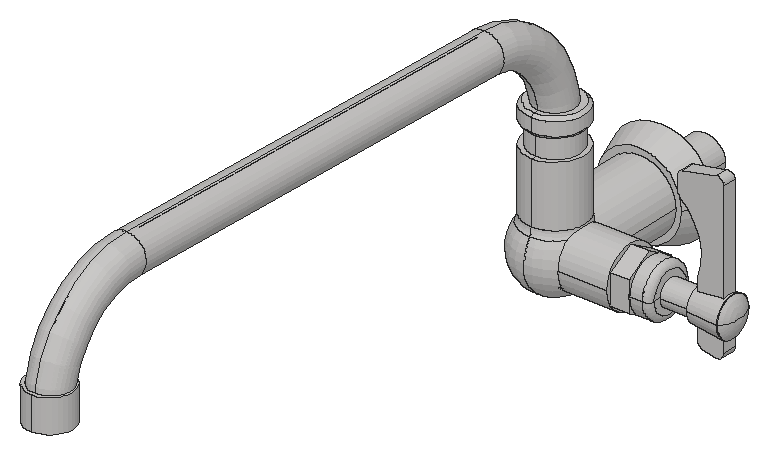
Revit family "Krowne_16-171L_DeckMount_Faucet", category Plumbing Fixtures, Revit 2018
Family settings
  Round Connector Dimension = Use Diameter
  Part Type = Normal
  OmniClass Number = 23.40.40.00
  OmniClass Title = Food Service Equipment and Furnishings
  Work Plane-Based = No
  Always vertical = Yes
  Cut with Voids When Loaded = No
  Shared = No
  Room Calculation Point = No
Parameters (values of type "DefaultType")
  Width = 4 1/4"
  Weight in Pounds = 5
  Watermarked By = ""
  Waste Water Discharge Temperature [instance] = -459.67 °F
  URL Cutsheet = ""
  URL = "https://krowne.com/"
  Status [instance] = ""
  Specification by User [instance] = ""
  Specification by Manufacturer [instance] = ""
  Serial Number [instance] = ""
  Revision Code [instance] = ""
  Plumbing Remarks [instance] = ""
  Plumbing Connection Type = ""
  NAFEM Spec ID Number [instance] = ""
  Model = "16-171L"
  Masterspec [instance] = ""
  Manufacturer = "Krowne Metal"
  KCLRef = "KCL2C9,,0004c5a5-0000-0000-0000-000000000307,KR,16-171L ,637111977080000000,c655eed6-3e01-48df-b960-cd097cec2e1a,65203727-37e5-441a-8c8e-b01304d32a77"
  KCL SpecSheet URL = "http://kclweb.kclcad.com/imagehandler.ashx?kdoc=16-17xl&R=KR&M=16-171L%20&VC=7&TID=KCLWeb&T=doc"
  Item Number [instance] = "-"
  Installed By [instance] = ""
  Hot Water Temperature = 100 °F
  Height = 3 3/8"
  Furnished By [instance] = ""
  Foodservice Equipment Identifier = yes
  Description = "Deck Mount Faucet"
  Depth = 4 7/16"
  Cold Water Temperature Recommended = -459.67 °F
  Cold Water Size = 1/2"
  Cold Water RI Height [instance] = 0"
  Cold Water Minimum Pressure = 0.00 psi
  Cold Water Maximum Pressure = 0.00 psi
  Cold Water Flow = 1.8 GPM
  Cold Water Consumption = ""
  Cold Water Connection Height = 0"
  CSI MasterFormat = ""
  Assembly Code = "E1090300"
Reference planes (in)
  plane 1 "BACK": y = 2.625
  plane 2: z = 0
  plane 3 "LEFT": x = -13.31573
  plane 4 "RIGHT": x = -9.06573
  plane 5 "CENTER L/R": x = -12.56573
  plane 6: y = -0.9375
  plane 7: z = 5.5
  plane 8: z = 3.25
  plane 9: y = -12.9375
  plane 10: z = 3.0625
  plane 11: z = 5.1875
Forms (in)
  Sweep 1, solid, material "QF_Stainless-Polished"
    path origin (-12.56573, 0, 0) x (0, 1, 0) y (0, 0, 1)
      loop
        line (-0.9375, 2.5) -> (-0.9375, 3.03925)
        arc (-0.9375, 3.03925) -> (-1.42754, 4.25374) -> (-2.62321, 4.78807) r 1.75
        line (-2.62321, 4.78807) -> (-11.12321, 5.10057)
        arc (-11.12321, 5.10057) -> (-12.40199, 4.61171) -> (-12.9375, 3.35175) r 1.75
        line (-12.9375, 3.35175) -> (-12.9375, 3.0625)
    profile origin (-12.56573, -0.9375, 2.76962) x (0, -1, 0) y (1, 0, 0)
      loop
        circle (0, 0) r 0.375
      loop
        circle (0, 0) r 0.25
  Extrusion 2, solid, material "QF_Stainless-Polished"
    sketch origin (-12.56573, -12.9375, 3.0625) x (0, -1, 0) y (-1, 0, 0)
      loop
        circle (0, 0) r 0.375
      loop
        circle (0, 0) r 0.4375
    from 0 to -0.625
Lines and regions (in)
  symbolic lines
    curve 1: arc (-12.56573, -1.3125, 0) -> (-12.94073, -0.9375, 0) -> (-12.56573, -0.5625, 0) r 0.375
    curve 2: arc (-12.56573, -0.5625, 0) -> (-12.19073, -0.9375, 0) -> (-12.56573, -1.3125, 0) r 0.375
    curve 3: arc (-12.94073, -12.9375, 0) -> (-12.83089, -13.20267, 0) -> (-12.56573, -13.3125, 0) r 0.375
    curve 4: arc (-12.56573, -13.3125, 0) -> (-12.30056, -13.20267, 0) -> (-12.19073, -12.9375, 0) r 0.375
    curve 5: line (-12.94073, -12.9375, 0) -> (-12.94073, -0.9375, 0)
    curve 6: line (-12.19073, -0.9375, 0) -> (-12.19073, -12.9375, 0)
Dimensions and locks (in)
  "Width": plane 3 "LEFT" to plane 4 "RIGHT"
  plane 7 to plane 8 = 2 1/4"
  plane 9 to plane 6 = 12"
  plane 8 to plane 10 = 3/16"
  plane 6 to plane 1 "BACK" = 3 9/16"
  plane 11 to plane 8 = 1 15/16"
  aligned and locked: level to plane 2
  aligned and locked: plane 6 to Sweep 1 sketch curve
  aligned and locked: Sweep 1 sketch curve to plane 9
Automatic sketch dimensions
  Sweep 1 sketch curve to Sweep 1 sketch curve = 0"  (x2)
  Sweep 1 sketch curve to plane 5 "CENTER L/R" = 0"
  Sweep 1 sketch curve to profile plane = 0"
  curve 3 to curve 4 = 0"
  plane 9 to curve 5 = 0"
  plane 6 to curve 5 = 0"
  curve 1 to plane 5 "CENTER L/R" = 0"
  plane 6 to curve 6 = 0"
  plane 6 to curve 1 = 0"
  curve 5 to curve 3 = 3/8"
  Sweep 1 sketch curve to plane 10 = 0"
  plane 8 to Sweep 1 sketch curve = 0.10175"
  Sweep 1 sketch curve to plane 11 = 0.08693"
  Sweep 1 sketch curve to Sweep 1 sketch curve = 0.06429"
  Sweep 1 sketch curve to plane 10 = 0.02325"
  Sweep 1 sketch curve to Sweep 1 sketch curve = 1 3/4"
  Sweep 1 sketch curve to plane 11 = 0.39943"
  Sweep 1 sketch curve to Sweep 1 sketch curve = 0.53925"
  radius of Sweep 1 sketch curve = 3/8"
  radius of Sweep 1 sketch curve = 1/4"
  radius of Extrusion 2 sketch curve to Sweep 1 = 0"
  radius of Sweep 1 to Extrusion 2 sketch curve = 1/16"
Nested families (in)
  nested 1: "QF_Krowne_16-1_Body" at (-0.1875, -0.1875, 0), type "QF_Krowne_16-1_Body"
Connectors (in)
  piping at (-12.56573, 2.625, 0.75), diameter 0.5, driven by "Cold Water Flow", driven by "Cold Water Size"
    settings: on nested 1, index 1, connector inside diameter 24", connector length 0", flow factor 0, pipe flow 1.8 GPM, pressure drop 0.00 psi, fitting loss kfactor 0, connector angle 0.00°, fixture units 0, engagement length 0", angle of deflection 0.00°, flow configuration 1, flow direction 1, fitting loss method 0, system type 20, joint type 0, gender type 0, connector reference index -1, connector utility 0, adjustable connector no, is connector primary yes, connector description "WATER"
Definition of nested family "QF_Krowne_16-1_Body"
  Parameters (values of type "QF_Krowne_16-1_Body")
    Width = 1 1/2"
    Watermarked By = ""
    Height = 3 7/8"
    Description = ""
    Depth = 1 1/2"
  Reference planes (in)
    plane 1 "BACK": y = 0
    plane 2: z = 0
    plane 3 "LEFT": x = -13.12823
    plane 4 "RIGHT": x = -11.62823
    plane 5 "Center": x = -12.37823
    plane 6 "FRONT": y = -1.5
    plane 7 "Faucet Handle Center": y = -0.75
    plane 8: z = 2.5
    plane 9: z = 2.875
    plane 10 "TOP": z = 3.25
    plane 11: y = 1.25
    plane 12 "Back of Plug": y = 1.75
    plane 13: z = 0.75
    plane 14: x = -10.94073
  Forms (in)
    Revolve 1, solid
      sketch origin (-12.37823, 0, 0) x (0, 1, 0) y (0, 0, 1)
        loop
          arc (-0.75, 0) -> (-0.08276, 0.40752) -> (-0.14062, 1.18722) r 0.75
          arc (-0.14062, 1.18722) -> (-0.17549, 1.25641) -> (-0.1875, 1.33296) r 0.25
          line (-0.1875, 1.33296) -> (-0.1875, 2.5) -> (-0.75, 2.5) -> (-0.75, 0)
        axis (-0.75, 0) -> (-0.75, 2.5)
      angle from 0 to 360
    Revolve 2, solid
      sketch origin (-12.37823, 0, 0) x (0, 1, 0) y (0, 0, 1)
        loop
          line (-0.75, 3.25) -> (-0.75, 2.5) -> (-0.28183, 2.5) -> (-0.28183, 2.875) -> (-0.25, 2.875) -> (-0.1875, 2.9375) -> (-0.1875, 3.1875) -> (-0.25, 3.25) -> (-0.75, 3.25)
        axis (-0.75, 2.5) -> (-0.75, 3.25)
      angle from 0 to 360
    Extrusion 3, solid
      sketch origin (0, -0.75, 0) x (1, 0, 0) y (0, 0, 1)
        loop
          circle (-12.37823, 0.75) r 0.6875
      from 0 to -2
    Blend 4, solid
      base sketch origin (0, 1.75, 0) x (1, 0, 0) y (0, 0, 1)
        loop
          circle (-12.37823, 0.75) r 0.8125
      top sketch origin (0, 1.75, 0) x (1, 0, 0) y (0, 0, 1)
        loop
          circle (-12.37823, 0.75) r 1
      from 0.5 to 0
    Extrusion 5, solid
      sketch origin (0, 1.75, 0) x (1, 0, 0) y (0, 0, 1)
        loop
          circle (-12.37823, 0.75) r 0.375
      from 0 to -1.0625
    Extrusion 6, solid
      sketch origin (-12.37823, 0, 0) x (0, 1, 0) y (0, 0, 1)
        loop
          circle (-0.75, 0.75) r 0.5625
      from 0 to 1.4375
  Lines and regions (in)
    symbolic lines
      curve 1: circle (-12.37823, -0.75, 1.0625) r 0.75 normal (0, 0, 1)
      curve 2: line (-10.94073, -0.1875, 1.0625) -> (-11.88215, -0.1875, 1.0625)
      curve 3: line (-10.94073, -1.3125, 1.0625) -> (-11.88215, -1.3125, 1.0625)
      curve 4: line (-10.94073, -0.1875, 1.0625) -> (-10.94073, -0.26927, 1.0625)
      curve 5: line (-10.94073, -0.26927, 1.0625) -> (-10.94073, -1.24355, 1.0625)
      curve 6: line (-10.94073, -1.24355, 1.0625) -> (-10.94073, -1.3125, 1.0625)
      curve 7: circle (-12.37823, -0.75, 1.0625) r 0.5 normal (0, 0, 1)
      curve 8: line (-13.19073, 1.25, 1.0625) -> (-11.56573, 1.25, 1.0625)
      curve 9: line (-11.69073, 1.25, 1.0625) -> (-11.69073, -0.1875, 1.0625)
      curve 10: line (-13.06573, 1.25, 1.0625) -> (-13.06573, -0.45026, 1.0625)
      curve 11: line (-13.37823, 1.75, 1.0625) -> (-11.37823, 1.75, 1.0625)
      curve 12: line (-11.37823, 1.75, 1.0625) -> (-11.56573, 1.25, 1.0625)
      curve 13: line (-13.37823, 1.75, 1.0625) -> (-13.19073, 1.25, 1.0625)
      curve 14: line (-12.75323, 2.8125, 1.0625) -> (-12.00323, 2.8125, 1.0625)
      curve 15: line (-12.00323, 2.8125, 1.0625) -> (-12.00323, 1.75, 1.0625)
      curve 16: line (-12.75323, 2.8125, 1.0625) -> (-12.75323, 1.75, 1.0625)
  Dimensions and locks (in)
    "Width": plane 3 "LEFT" to plane 4 "RIGHT"
    equal spacing: plane 3 "LEFT", plane 5 "Center", plane 4 "RIGHT"
    equal spacing: plane 6 "FRONT", plane 7 "Faucet Handle Center", plane 1 "BACK"
    "Depth": plane 6 "FRONT" to plane 1 "BACK"
    plane 8 to level = 2 1/2"
    equal spacing: plane 10 "TOP", plane 9, plane 8
    locked: plane 11 to plane 12 "Back of Plug" at 0.5
    plane 13 to level = 3/4"
    plane 7 "Faucet Handle Center" to plane 11 = 2"
    aligned and locked: level to plane 2
    aligned and locked: plane 7 "Faucet Handle Center" to Revolve 1 sketch curve
    aligned and locked: Revolve 2 sketch curve to plane 7 "Faucet Handle Center"
    aligned and locked: Revolve 2 sketch curve to plane 8
    aligned and locked: Extrusion 3 to plane 11
    aligned and locked: Blend 4 to plane 12 "Back of Plug"
  Automatic sketch dimensions
    Revolve 1 sketch curve to level = 0"  (x2)
    Revolve 1 sketch curve to plane 7 "Faucet Handle Center" = 0"
    Revolve 1 sketch curve to plane 8 = 0"  (x2)
    plane 1 "BACK" to Revolve 1 sketch curve = 3/16"
    Revolve 1 sketch curve to plane 1 "BACK" = 1/16"
    plane 1 "BACK" to Revolve 1 sketch curve = 9/64"
    Revolve 1 sketch curve to Revolve 1 sketch curve = 0"
    Revolve 2 sketch curve to plane 7 "Faucet Handle Center" = 0"
    Revolve 2 sketch curve to plane 9 = 0"
    Revolve 2 sketch curve to plane 10 "TOP" = 0"  (x2)
    Revolve 2 sketch curve to plane 8 = 0"
    plane 1 "BACK" to Revolve 2 sketch curve = 0.28183"
    Revolve 2 sketch curve to Revolve 2 sketch curve = 0.03183"
    plane 1 "BACK" to Revolve 2 sketch curve = 1/4"
    Revolve 2 sketch curve to Revolve 2 sketch curve = 1/16"
    plane 9 to Revolve 2 sketch curve = 1/16"
    Revolve 2 sketch curve to plane 10 "TOP" = 1/16"
    Extrusion 3 sketch curve to plane 5 "Center" = 0"
    Extrusion 3 sketch curve to plane 13 = 0"
    Blend 4 sketch curve to plane 5 "Center" = 0"  (x2)
    Blend 4 sketch curve to plane 13 = 0"  (x2)
    Extrusion 5 sketch curve to plane 5 "Center" = 0"
    Extrusion 5 sketch curve to plane 13 = 0"
    Extrusion 6 sketch curve to plane 7 "Faucet Handle Center" = 0"
    Extrusion 6 sketch curve to plane 13 = 0"
    curve 1 to curve 7 = 0"  (x2)
    curve 3 to plane 14 = 0"
    curve 7 to plane 5 "Center" = 0"
    plane 7 "Faucet Handle Center" to curve 7 = 0"
    plane 11 to curve 9 = 0"
    plane 12 "Back of Plug" to curve 11 = 0"
    curve 5 to plane 6 "FRONT" = 0.25645"
    curve 6 to curve 5 = 0.06895"
    plane 1 "BACK" to curve 4 = 0.26927"
    curve 4 to curve 2 = 0.08177"
    curve 15 to plane 4 "RIGHT" = 3/8"
    curve 15 to plane 12 "Back of Plug" = 1 1/16"
    plane 4 "RIGHT" to curve 11 = 1/4"
    plane 4 "RIGHT" to curve 12 = 1/16"
    curve 8 to plane 3 "LEFT" = 1/16"
    curve 11 to plane 3 "LEFT" = 1/4"
    plane 3 "LEFT" to curve 10 = 1/16"
    curve 10 to plane 7 "Faucet Handle Center" = 0.29974"
    curve 9 to plane 4 "RIGHT" = 1/16"
    plane 3 "LEFT" to curve 16 = 3/8"
    radius of Extrusion 3 sketch curve = 11/16"
    radius of Blend 4 sketch curve = 13/16"
    radius of Blend 4 sketch curve = 1"
    radius of Extrusion 5 sketch curve = 3/8"
    radius of Extrusion 6 sketch curve = 9/16"
    radius of curve 7 = 1/2"
  Nested families (in)
    nested 1: "QF_Krowne_Faucet_Knob" at (-2.5625, 0.14984, 0.75), type "QF_Krowne_Faucet_Knob"
  Definition of nested family "QF_Krowne_Faucet_Knob"
    Parameters (values of type "QF_Krowne_Faucet_Knob")
      Width = 12 3/4"
      Watermarked By = ""
      Height = 3 7/8"
      Description = ""
      Depth = 1 13/16"
    Reference planes (in)
      plane 1 "BACK": y = 0
      plane 2: z = 0
      plane 3 "Right of Handle": x = -8.37823
      plane 4 "FRONT": y = -1.8125
      plane 5 "Faucet Handle Center": y = -0.90625
      plane 6: y = -0.78125
      plane 7: y = -1.03125
    Forms (in)
      Extrusion 1, solid
        sketch origin (-8.37823, 0, 8.37823) x (0, 1, 0) y (0, 0, 1)
          loop
            line (-0.90625, -7.81573) -> (-1.39339, -8.09698) -> (-1.39339, -8.65948) -> (-0.90625, -8.94073) -> (-0.41911, -8.65948) -> (-0.41911, -8.09698) -> (-0.90625, -7.81573)
        from 0 to 0.375
      Revolve 2, solid
        sketch origin (-12.37823, 0, 0) x (0, 1, 0) y (-1, 0, 0)
          loop
            line (-0.90625, -4.375) -> (-0.90625, -4.75) -> (-0.53125, -4.75)
            arc (-0.53125, -4.75) -> (-0.44286, -4.71339) -> (-0.40625, -4.625) r 0.125
            line (-0.40625, -4.625) -> (-0.40625, -4.375) -> (-0.90625, -4.375)
          axis (-0.90625, -4.375) -> (-0.90625, -4.75)
        angle from 0 to 360
      Revolve 3, solid
        sketch origin (-12.37823, 0, 0) x (0, 1, 0) y (-1, 0, 0)
          loop
            line (-0.90625, -4.75) -> (-0.90625, -5.3125) -> (-0.65625, -5.3125) -> (-0.65625, -4.75) -> (-0.90625, -4.75)
          axis (-0.90625, -4.75) -> (-0.90625, -5.3125)
        angle from 0 to 360
      Revolve 4, solid
        sketch origin (-12.37823, 0, 0) x (0, 1, 0) y (-1, 0, 0)
          loop
            line (-0.90625, -5.3125) -> (-0.90625, -5.9375) -> (-0.53125, -5.9375) -> (-0.59375, -5.3125) -> (-0.90625, -5.3125)
          axis (-0.90625, -5.3125) -> (-0.90625, -5.9375)
        angle from 0 to 360
      Revolve 5, solid
        sketch origin (-12.37823, 0, 0) x (0, 1, 0) y (-1, 0, 0)
          loop
            line (-0.90625, -5.9375) -> (-0.90625, -6.0625)
            arc (-0.90625, -6.0625) -> (-0.70704, -6.03513) -> (-0.53125, -5.9375) r 0.54601
            line (-0.53125, -5.9375) -> (-0.90625, -5.9375)
          axis (-0.90625, -5.9375) -> (-0.90625, -6.0625)
        angle from 0 to 360
      Extrusion 6, solid
        sketch origin (-12.37823, -0.90625, 8.37823) x (0, 0, 1) y (-1, 0, 0)
          loop
            arc (-6.12823, -5.875) -> (-6.03156, -5.82925) -> (-6.00565, -5.72549) r 0.125
            line (-6.00565, -5.72549) -> (-6.13064, -5.10053)
            arc (-6.13064, -5.10053) -> (-6.17396, -5.02837) -> (-6.25321, -5.00004) r 0.125
            line (-6.25321, -5.00004) -> (-6.5031, -5.00004)
            arc (-6.5031, -5.00004) -> (-6.55588, -5.01173) -> (-6.59879, -5.04462) r 0.125
            arc (-6.59879, -5.04462) -> (-7.17151, -5.40979) -> (-7.85017, -5.38199) r 1.13354
            arc (-7.85017, -5.38199) -> (-7.871, -5.37648) -> (-7.89247, -5.37462) r 0.125
            line (-7.89247, -5.37462) -> (-8.92568, -5.37462)
            arc (-8.92568, -5.37462) -> (-9.00493, -5.40295) -> (-9.04825, -5.47511) r 0.125
            line (-9.04825, -5.47511) -> (-9.09832, -5.72549)
            arc (-9.09832, -5.72549) -> (-9.07242, -5.82925) -> (-8.97575, -5.875) r 0.125
            line (-8.97575, -5.875) -> (-6.12823, -5.875)
        from -0.125 to 0.125
    Lines and regions (in)
      symbolic lines
        curve 1: line (-8.37823, -1.39339, 1.0625) -> (-8.37823, -0.41911, 1.0625)
        curve 2: line (-8.00323, -0.41911, 1.0625) -> (-8.00323, -1.39339, 1.0625)
        curve 3: line (-7.62823, -0.54411, 1.0625) -> (-7.62823, -1.26839, 1.0625)
        curve 4: line (-7.75323, -0.41911, 1.0625) -> (-8.37823, -0.41911, 1.0625)
        curve 5: line (-8.37823, -1.39339, 1.0625) -> (-7.75323, -1.39339, 1.0625)
        curve 6: line (-7.06573, -0.59375, 1.0625) -> (-7.06573, -1.21875, 1.0625)
        curve 7: line (-6.44073, -0.53125, 1.0625) -> (-6.44073, -1.28125, 1.0625)
        curve 8: arc (-7.62823, -0.54411, 1.0625) -> (-7.66484, -0.45572, 1.0625) -> (-7.75323, -0.41911, 1.0625) r 0.125
        curve 9: arc (-7.75323, -1.39339, 1.0625) -> (-7.66484, -1.35678, 1.0625) -> (-7.62823, -1.26839, 1.0625) r 0.125
        curve 10: line (-7.06573, -0.59375, 1.0625) -> (-6.44073, -0.53125, 1.0625)
        curve 11: line (-7.06573, -1.21875, 1.0625) -> (-6.44073, -1.28125, 1.0625)
        curve 12: arc (-6.44073, -1.28125, 1.0625) -> (-6.2854, -0.90625, 1.0625) -> (-6.44073, -0.53125, 1.0625) r 0.53035
        curve 13: line (-7.62823, -0.66911, 1.0625) -> (-7.06573, -0.66911, 1.0625)
        curve 14: line (-7.62823, -1.14339, 1.0625) -> (-7.06573, -1.14339, 1.0625)
    Dimensions and locks (in)
      equal spacing: plane 4 "FRONT", plane 5 "Faucet Handle Center", plane 1 "BACK"
      equal spacing: plane 7, plane 5 "Faucet Handle Center", plane 6
      locked: plane 7 to plane 6 at 0.25
      "Depth": plane 4 "FRONT" to plane 1 "BACK"
      aligned and locked: level to plane 2
      aligned and locked: Revolve 2 sketch curve to Extrusion 1
      aligned and locked: Revolve 4 sketch curve to Revolve 4 sketch curve
    Automatic sketch dimensions
      Extrusion 1 sketch curve to plane 5 "Faucet Handle Center" = 0"  (x2)
      Extrusion 1 sketch curve to level = 9/32"  (x2)
      plane 7 to Extrusion 1 sketch curve = 0.36214"
      Extrusion 1 sketch curve to plane 6 = 0.36214"
      Extrusion 1 sketch curve to level = 9/16"
      level to Extrusion 1 sketch curve = 9/32"  (x2)
      Extrusion 1 sketch curve to Extrusion 1 sketch curve = 9/32"
      plane 5 "Faucet Handle Center" to Revolve 2 sketch curve = 0"  (x2)
      Revolve 2 sketch curve to plane 6 = 1/4"
      Revolve 2 sketch curve to Revolve 2 sketch curve = 1/8"
      Revolve 2 sketch curve to Revolve 2 sketch curve = 0"  (x2)
      Revolve 2 sketch curve to Revolve 2 sketch curve = 1/4"
      plane 5 "Faucet Handle Center" to Revolve 3 sketch curve = 0"  (x2)
      Revolve 3 sketch curve to plane 6 = 1/8"
      plane 3 "Right of Handle" to Revolve 3 sketch curve = 1 5/16"
      Revolve 3 sketch curve to Revolve 3 sketch curve = 9/16"
      Revolve 3 sketch curve to Revolve 3 sketch curve = 0"
      Revolve 3 sketch curve to Revolve 3 sketch curve = 3/8"
      plane 5 "Faucet Handle Center" to Revolve 4 sketch curve = 0"
      Revolve 4 sketch curve to plane 6 = 3/16"
      Revolve 4 sketch curve to plane 6 = 1/4"
      plane 3 "Right of Handle" to Revolve 4 sketch curve = 1 15/16"
      Revolve 4 sketch curve to Revolve 4 sketch curve = 5/8"
      Revolve 4 sketch curve to Revolve 4 sketch curve = 0"  (x2)
      plane 5 "Faucet Handle Center" to Revolve 5 sketch curve = 0"  (x2)
      Revolve 5 sketch curve to plane 5 "Faucet Handle Center" = 0.02655"
      Revolve 5 sketch curve to plane 6 = 1/4"
      plane 3 "Right of Handle" to Revolve 5 sketch curve = 2 1/16"
      Revolve 5 sketch curve to Revolve 5 sketch curve = 1/8"
      Revolve 5 sketch curve to Revolve 5 sketch curve = 0"  (x2)
      Extrusion 6 sketch curve to level = 0.7201"
      Extrusion 6 sketch curve to Extrusion 6 sketch curve = 0.05007"
      Extrusion 6 sketch curve to Extrusion 6 sketch curve = 0.12257"  (x4)
      level to Extrusion 6 sketch curve = 0.48575"
      level to Extrusion 6 sketch curve = 0.91165"
      Extrusion 6 sketch curve to Extrusion 6 sketch curve = 0.96348"
      Extrusion 6 sketch curve to Extrusion 6 sketch curve = 0.24989"
      Extrusion 6 sketch curve to Extrusion 6 sketch curve = 1/8"  (x3)
      plane 3 "Right of Handle" to Extrusion 6 sketch curve = 1 7/8"
      Extrusion 6 sketch curve to Extrusion 6 sketch curve = 0.25038"
      Extrusion 6 sketch curve to Extrusion 6 sketch curve = 0"  (x3)
      Extrusion 6 sketch curve to Extrusion 6 sketch curve = 0.02451"  (x2)
      Extrusion 6 sketch curve to Extrusion 6 sketch curve = 0.62496"
      Extrusion 6 sketch curve to Extrusion 6 sketch curve = 1.05929"
      curve 5 to plane 3 "Right of Handle" = 0"
      plane 5 "Faucet Handle Center" to curve 12 = 0"
      plane 7 to curve 11 = 3/16"
      plane 7 to curve 9 = 0.23714"
      plane 7 to curve 7 = 1/4"
      plane 7 to curve 1 = 0.36214"
      curve 6 to plane 6 = 3/16"
      curve 8 to plane 6 = 0.23714"
      curve 4 to plane 6 = 0.36214"
      curve 4 to curve 1 = 5/8"
      curve 10 to curve 8 = 9/16"
      curve 12 to curve 13 = 0.24997"
      curve 7 to curve 12 = 0.37503"
      curve 6 to curve 14 = 0.07536"
      curve 13 to plane 6 = 0.11214"
      curve 4 to curve 2 = 1/4"
